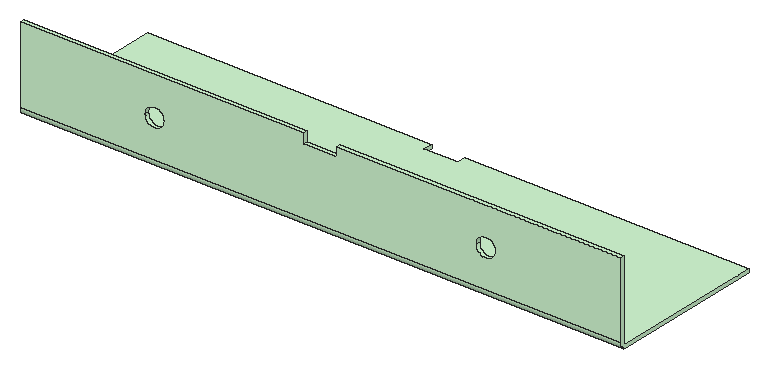
Revit family "35LバーストレートJ-eL3520(ビス)", category 機械設備, Revit 2020
Family settings
  丸型コネクタ寸法 = 直径を使用
  種別 = なし
  パーツ タイプ = 標準
  作業面ベース = いいえ
  常に垂直 = はい
  ロード時にボイドで切り取り = いいえ
  共有 = いいえ
  部屋計算ポイント = いいえ
Parameters
  製造元 = "株式会社桐井製作所"
  既定の高さ = 0 mm
  URL = "https://www.kirii.co.jp/"
  K_材質 = "溶融亜鉛めっき鋼板及び鋼帯 SGCC 一般用"
  K_品名 = "35LバーストレートJ-eL3520(ビス)"
  K_名称 = "Lバージョイント"
  K_入数 = "500"
  K_備考 = "対象Lバー:eL3520(35面)"
  K_バージョン情報 = "20220915"
  K_めっき付着量 = "Z12"
  K_JIS規格 = "JIS G 3302"
Reference planes
  plane 1 "中心(正面/背面)": y = 0
  plane 2: z = 0
  plane 3 "中心(左/右)": x = 0
Forms (mm)
  Extrusion 1, solid
    sketch origin (0, 0, 0) x (0, 1, 0) y (0, 0, 1)
      loop
        line (0.8, 17.5) -> (0, 17.5) -> (0, 1.5)
        arc (0, 1.5) -> (0.439, 0.439) -> (1.5, 0) r 1.5
        line (1.5, 0) -> (33.3, 0) -> (33.3, 0.8) -> (1.5, 0.8)
        arc (1.5, 0.8) -> (1.005, 1.005) -> (0.8, 1.5) r 0.7
        line (0.8, 1.5) -> (0.8, 17.5)
    from -62.5 to 62.5
  Extrusion 2, void
    sketch origin (0, 0, 0) x (1, 0, 0) y (0, 0, 1)
      loop
        line (3.5, 15.5) -> (3.5, 17.5) -> (-3.5, 17.5) -> (-3.5, 15.5) -> (3.5, 15.5)
      loop
        circle (-34.5, 9.5) r 2
      loop
        circle (34.5, 9.5) r 2
    from -0.8 to 0
  Extrusion 3, void
    sketch origin (0, 0, 0) x (1, 0, 0) y (0, 1, 0)
      loop
        line (3.5, 31.3) -> (3.5, 33.3) -> (-3.5, 33.3) -> (-3.5, 31.3) -> (3.5, 31.3)
    from 0 to 0.8
Cuts and joins
  Extrusion 2, Extrusion 3 cuts Extrusion 1
Dimensions and locks
  aligned and locked: level to plane 2
